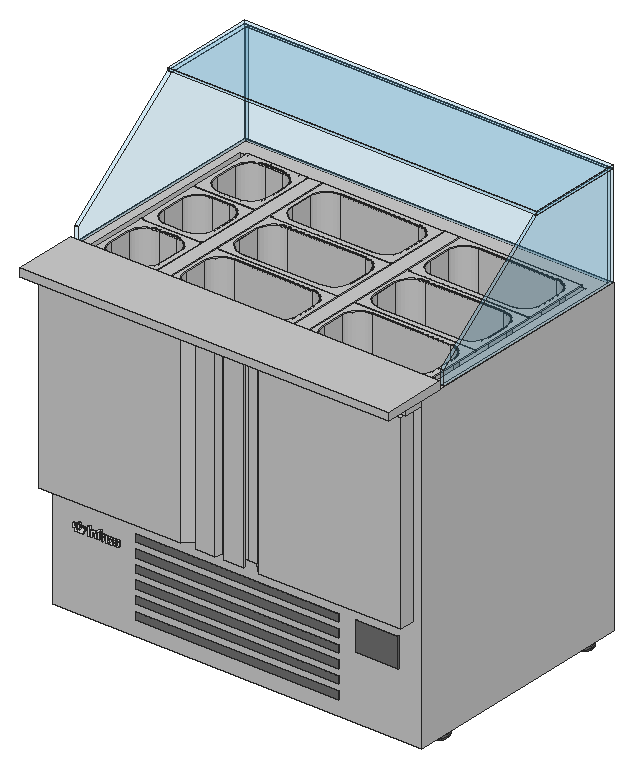
Revit family "QF_INFRICO_ME1000KB_250812024614", category Specialty Equipment, Revit 2021 (continued)
Definition of nested family "QF_INFRICO_ME_DOOR_SX_5059"
  Parameters (values of type "ME_DOOR_SX")
    URL Cutsheet [instance] = ""
    URL = "www.infrico.com"
    Technical Documentation [instance] = ""
    Tag Number [instance] = ""
    Status [instance] = ""
    Specification by User [instance] = ""
    Specification by Manufacturer [instance] = ""
    Sound Level [instance] = ""
    Solid Fuel Type [instance] = ""
    Show Logo [instance] = yes
    Show Clearances [instance] = yes
    Show Clearance [instance] = yes
    Service Life Duration [instance] = ""
    Serial Number [instance] = ""
    Seismic Rating [instance] = ""
    SMACNA No [instance] = ""
    Revision Code [instance] = ""
    Revision [instance] = ""
    Production Year [instance] = ""
    Point Load [instance] = 0
    Other Equipment Approvals [instance] = ""
    NAFEM Spec ID Number [instance] = ""
    Model Warning [instance] = ""
    Model = "ME_DOOR_SX"
    Masterspec [instance] = ""
    Manufacturer = "INFRICO"
    Length Actual [instance] = 0 mm
    Item Number [instance] = ""
    Installed By [instance] = ""
    Installation Date [instance] = ""
    Identify Quantity as Lot [instance] = yes
    ID [instance] = ""
    Hygiene Approval [instance] = ""
    Height Actual [instance] = 0 mm
    Furnished By [instance] = ""
    Foodservice Equipment Identifier [instance] = yes
    ETL Approved [instance] = yes
    Description = "LEFT DOOR"
    Depth Actual [instance] = 0 mm
    Default Elevation = 0 mm
    CSI MasterFormat [instance] = ""
    CE Approved [instance] = yes
    Barcode [instance] = ""
    Author [instance] = ""
    Asset Identifier [instance] = ""
    Assembly Code = "E1090320"
    Accessory [instance] = yes
  Reference planes
    plane 1 "Back": y = 0
    plane 2: z = 0
    plane 3 "Left": x = 0
    plane 4 "Right": x = 472
    plane 5 "Front": y = -57
    plane 6 "Top": z = 502
  Forms (mm)
    Extrusion 1, solid
      sketch origin (2981.326, 637.02, -168.61) x (-1, 0, 0) y (0, -1, 0)
        loop
          line (2605.426, 694.02) -> (2575.356, 663.95) -> (2552.604, 663.95) -> (2541.663, 666.881)
          arc (2541.663, 666.881) -> (2540.582, 667.631) -> (2540.222, 668.896) r 1.95
          line (2540.222, 668.896) -> (2540.566, 678.741)
          arc (2540.566, 678.741) -> (2540.774, 679.563) -> (2541.304, 680.224) r 2.001
          line (2541.304, 680.224) -> (2566.566, 690.947) -> (2566.566, 694.02) -> (2514.259, 694.02) -> (2509.326, 675.612) -> (2509.326, 654.02) -> (2981.326, 654.02) -> (2981.326, 694.02) -> (2605.426, 694.02)
      from 168.61 to 670.61
    Extrusion 2, solid
      sketch origin (0, 0, 0) x (1, 0, 0) y (0, 0, 1)
        loop
          line (457, 487) -> (15, 487) -> (15, 15) -> (457, 15) -> (457, 487)
        loop
          line (45, 457) -> (45, 45) -> (427, 45) -> (427, 457) -> (45, 457)
      from 0 to 17
    Extrusion 3, solid, detail levels coarse
      sketch origin (0, 0, 0) x (1, 0, 0) y (0, 1, 0)
        loop
          line (472, -57) -> (0, -57) -> (0, -472) -> (57, -472)
          arc (57, -472) -> (350.449, -350.449) -> (472, -57) r 415
      from 0 to 502
  Lines and regions (mm)
    symbolic lines
      curve 1: line (0, -62, 0) -> (0, -472, 0)
      curve 2: line (0, -472, 0) -> (57, -472, 0)
      curve 3: arc (57, -472, 0) -> (348.676, -352.212, 0) -> (471.97, -62, 0) r 415
  Dimensions and locks
    plane 4 "Right" to plane 3 "Left" = 472 mm
    plane 6 "Top" to level = 502 mm  (x2)
    plane 1 "Back" to plane 5 "Front" = 57 mm  (x2)
    plane 3 "Left" to plane 4 "Right" = 472 mm
    aligned and locked: level to plane 2
Definition of nested family "QF_INFRICO_ME_DOOR_DX_5837"
  Parameters (values of type "ME_DOOR_DX")
    Weight [instance] = 0.00 kg
    Warranty Start Date [instance] = ""
    Warranty Duration [instance] = ""
    URL Cutsheet [instance] = ""
    URL = "www.infrico.com"
    Technical Documentation [instance] = ""
    Tag Number [instance] = ""
    Status [instance] = ""
    Specification by User [instance] = ""
    Specification by Manufacturer [instance] = ""
    Sound Level [instance] = ""
    Solid Fuel Type [instance] = ""
    Show Logo [instance] = yes
    Show Clearances [instance] = yes
    Show Clearance [instance] = yes
    Service Life Duration [instance] = ""
    Serial Number [instance] = ""
    Seismic Rating [instance] = ""
    SMACNA No [instance] = ""
    Revision Code [instance] = ""
    Revision [instance] = ""
    Production Year [instance] = ""
    Point Load [instance] = 0
    Other Equipment Approvals [instance] = ""
    NAFEM Spec ID Number [instance] = ""
    Model Warning [instance] = ""
    Model = "ME_DOOR_DX"
    Masterspec [instance] = ""
    Manufacturer = "INFRICO"
    Length Actual [instance] = 0 mm
    Item Number [instance] = ""
    Installed By [instance] = ""
    Installation Date [instance] = ""
    Identify Quantity as Lot [instance] = yes
    ID [instance] = ""
    Hygiene Approval [instance] = ""
    Height Actual [instance] = 0 mm
    Furnished By [instance] = ""
    Foodservice Equipment Identifier [instance] = yes
    ETL Approved [instance] = yes
    Description = "RIGHT DOOR"
    Depth Actual [instance] = 0 mm
    Default Elevation = 0 mm
    CSI MasterFormat [instance] = ""
    CE Approved [instance] = yes
    Barcode [instance] = ""
    Author [instance] = ""
    Asset Identifier [instance] = ""
    Assembly Code = "E1090320"
    Accessory [instance] = yes
  Reference planes
    plane 1 "Back": y = 0
    plane 2: z = 0
    plane 3 "Left": x = 0
    plane 4 "Right": x = 472
    plane 5 "Front": y = -57
    plane 6 "Top": z = 502
  Forms (mm)
    Extrusion 1, solid
      sketch origin (-2509.326, 637.02, -168.61) x (1, 0, 0) y (0, 1, 0)
        loop
          line (2605.426, -694.02) -> (2981.326, -694.02) -> (2981.326, -654.02) -> (2509.326, -654.02) -> (2509.326, -675.612) -> (2514.259, -694.02) -> (2566.566, -694.02) -> (2566.566, -690.947) -> (2541.304, -680.224)
          arc (2541.304, -680.224) -> (2540.774, -679.563) -> (2540.566, -678.741) r 2.001
          line (2540.566, -678.741) -> (2540.222, -668.896)
          arc (2540.222, -668.896) -> (2540.582, -667.631) -> (2541.663, -666.881) r 1.95
          line (2541.663, -666.881) -> (2552.604, -663.95) -> (2575.356, -663.95) -> (2605.426, -694.02)
      from 168.61 to 670.61
    Extrusion 2, solid
      sketch origin (472, 0, 0) x (-1, 0, 0) y (0, 0, -1)
        loop
          line (457, -487) -> (457, -15) -> (15, -15) -> (15, -487) -> (457, -487)
        loop
          line (45, -457) -> (427, -457) -> (427, -45) -> (45, -45) -> (45, -457)
      from 0 to 17
    Extrusion 3, solid, detail levels coarse
      sketch origin (472, 0, 0) x (-1, 0, 0) y (0, -1, 0)
        loop
          arc (472, 57) -> (350.449, 350.449) -> (57, 472) r 415
          line (57, 472) -> (0, 472) -> (0, 57) -> (472, 57)
      from 0 to 502
  Lines and regions (mm)
    symbolic lines
      curve 1: line (472, -62, 0) -> (472, -472, 0)
      curve 2: line (472, -472, 0) -> (415, -472, 0)
      curve 3: arc (415, -472, 0) -> (123.324, -352.212, 0) -> (0.03, -62, 0) r 415
  Dimensions and locks
    plane 4 "Right" to plane 3 "Left" = 472 mm
    plane 6 "Top" to level = 502 mm  (x2)
    plane 1 "Back" to plane 5 "Front" = 57 mm  (x2)
    plane 3 "Left" to plane 4 "Right" = 472 mm
    aligned and locked: level to plane 2
Definition of nested family "CONN_POINT_DRAIN_2D___Generic_Annotation"
  Parameters (values of type "CONN_POINT_DRAIN_2D___Generic_Annotation")
    Onboard connection annotation symbol visibility [instance] = yes
  Reference planes
    plane 1: y = 0
    plane 2: x = 0
  Lines and regions (mm)
    detail lines, visible <- "Onboard connection annotation symbol visibility"
      curve 1: circle (0, 0, 0) r 0.5 normal (0, 0, 1)
      curve 2: line (-1, 0, 0) -> (1, 0, 0)
      curve 3: line (0, 1, 0) -> (0, -1, 0)
      curve 4: line (1.776, 1, 0) -> (1.25, 1, 0)
      curve 5: line (1.25, 1, 0) -> (1.25, -1, 0)
      curve 6: line (1.25, -1, 0) -> (1.776, -1, 0)
      curve 7: arc (2.206, -0.862, 0) -> (2.459, -0.589, 0) -> (2.583, -0.238, 0) r 0.918
      curve 8: arc (2.583, 0.238, 0) -> (2.459, 0.589, 0) -> (2.206, 0.862, 0) r 0.918
      curve 9: arc (2.583, -0.238, 0) -> (2.599, 0, 0) -> (2.583, 0.238, 0) r 1.77
      curve 10: arc (2.206, 0.862, 0) -> (2.002, 0.965, 0) -> (1.776, 1, 0) r 0.741
      curve 11: arc (1.776, -1, 0) -> (2.002, -0.965, 0) -> (2.206, -0.862, 0) r 0.741
Definition of nested family "CONN_POINT_ELE_2D___Generic_Annotation"
  Parameters (values of type "CONN_POINT_ELE_2D___Generic_Annotation")
    Onboard connection annotation symbol visibility [instance] = yes
  Reference planes
    plane 1: y = 0
    plane 2: x = 0
  Lines and regions (mm)
    detail lines, visible <- "Onboard connection annotation symbol visibility"
      curve 1: circle (0, 0, 0) r 0.5 normal (0, 0, 1)
      curve 2: line (-1, 0, 0) -> (1, 0, 0)
      curve 3: line (0, 1, 0) -> (0, -1, 0)
      curve 4: line (2.5, 1, 0) -> (1.25, 1, 0)
      curve 5: line (1.25, 1, 0) -> (1.25, -1, 0)
      curve 6: line (1.25, -1, 0) -> (2.5, -1, 0)
      curve 7: line (1.25, 0, 0) -> (2, 0, 0)
